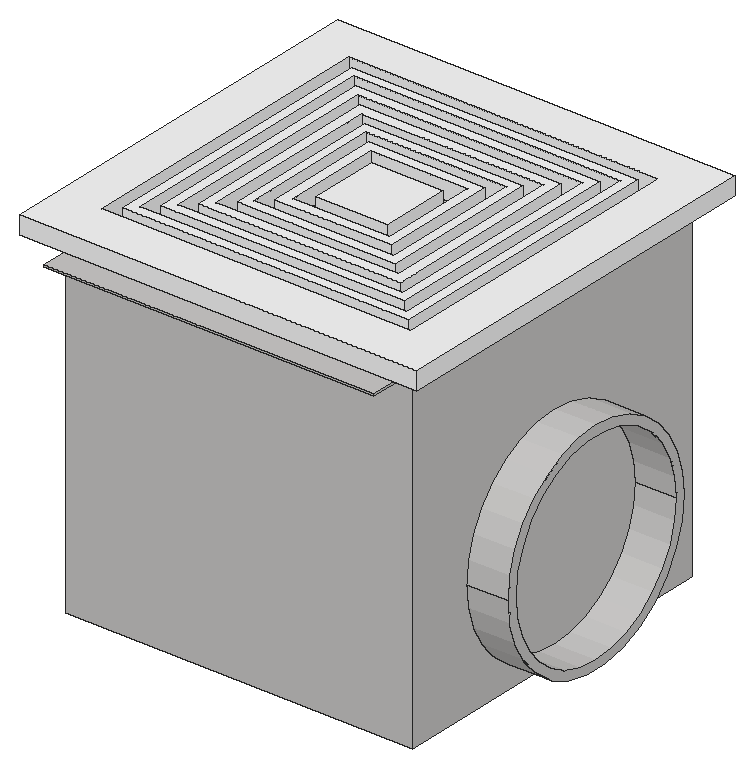
Revit family "Exhaust_Fan-Commercial-BroanNutone-Losone_ESelect-Inline", category Mechanical Equipment, host Face, Revit 2019
Family settings
  Host = Face
  Round Connector Dimension = Use Radius
  Part Type = Normal
  OmniClass Number = 23.75.35.17.17
  OmniClass Title = Room Air Circulation Fans
  Cut with Voids When Loaded = No
  Shared = No
  Room Calculation Point = No
Parameters (values of type "300 CFM")
  Width = 1' - 2"  # constant formula
  Voltage = 120 V
  Version = ""
  URL = "https://www.broan-nutone.com/"
  Support Phone = "(224) 699-9545"  # constant formula
  Support Email = "mailto:support@anguleris.com"
  Product Page URL = "https://www.broan-nutone.com/en-us/product/ventilationfans/l300el"
  Product Name = "LOSONE-E SELECT™ , Inline Ventilation Fan, ENERGY STAR®"  # constant formula
  Product Documentation Link = "https://www.broan-nutone.com/en-us/product/ventilationfans/l300el"
  Power Factor = 1
  Phase = 1
  Number of Poles = 1
  Noise = 1.2
  Model = "L300EL"
  Manufacturer Phone Number = "800-558-1711"  # constant formula
  Manufacturer Contact Information = "mailto:info@broan-nutone.com"
  Manufacturer Address = "926 W State St, Hartford, WI 53027"  # constant formula
  Manufacturer = "Broan"  # constant formula
  Length = 1' - 2"  # constant formula
  Housing Width = 0' - 11 3/8"  # constant formula
  Housing Length = 0' - 10 11/256"  # constant formula
  Housing Height = 0' - 7 5/8"  # constant formula
  Height = 6' - 5 5/8"  # constant formula
  Frequency = 60 Hz
  Fan Wattage = 7.7 W
  Fan Body Finish = Metal - Broan NuTone - Steel
  Exhaust Radius = 0' - 3"
  Exhaust Diameter = Exhaust Radius * 2  # 0' - 6"
  Exhaust Connector = "Exhaust Connection"  # constant formula
  Electrical Connector = "Electrical Connection"  # constant formula
  Description = "LOSONE-E SELECT™ , 300CFM Inline Ventilation Fan, ENERGY STAR®"
  Default Elevation = 4' - 0"
  Cover Finish = Plastic - Broan NuTone - White
  Copyright = "Copyright © 2021 Broan-NuTone, LLC. All Rights Reserved"  # constant formula
  Assembly Code = "E1090900"
  Air Volume = 300 CFM
Types (5): name | Product Page URL | Product Documentation Link | Model | Description | Air Volume
  100 CFM | "https://www.broan-nutone.com/en-us/product/ventilationfans/l100el" | "https://www.broan-nutone.com/en-us/product/ventilationfans/l100el" | "L100EL" | "LOSONE-E SELECT™ , 100CFM Inline Ventilation Fan, ENERGY STAR®" | 100 CFM
  150 CFM | "https://www.broan-nutone.com/en-us/product/ventilationfans/l150el" | "https://www.broan-nutone.com/en-us/product/ventilationfans/l150el" | "L150EL" | "LOSONE-E SELECT™ , 150CFM Inline Ventilation Fan, ENERGY STAR®" | 150 CFM
  200 CFM | "https://www.broan-nutone.com/en-us/product/ventilationfans/l200el" | "https://www.broan-nutone.com/en-us/product/ventilationfans/l200el" | "L200EL" | "LOSONE-E SELECT™ , 200CFM Inline Ventilation Fan, ENERGY STAR®" | 200 CFM
  250 CFM | "https://www.broan-nutone.com/en-us/product/ventilationfans/l250el" | "https://www.broan-nutone.com/en-us/product/ventilationfans/l250el" | "L250EL" | "LOSONE-E SELECT™ , 250CFM Inline Ventilation Fan, ENERGY STAR®" | 250 CFM
  300 CFM | "https://www.broan-nutone.com/en-us/product/ventilationfans/l300el" | "https://www.broan-nutone.com/en-us/product/ventilationfans/l300el" | "L300EL" | "LOSONE-E SELECT™ , 300CFM Inline Ventilation Fan, ENERGY STAR®" | 300 CFM
Reference planes (in)
  plane 1 "Center (Front/Back)": y = 0
  plane 2: z = 0
  plane 3 "Center (Left/Right)": x = 0
  plane 4: z = 1.75
  plane 5: z = -7.5
  plane 6: z = -4.125
  plane 7: z = -1.375
  plane 8: y = 6.875
  plane 9: y = -7.125
  plane 10: x = 24.74248
  plane 11: x = 38.74248
  plane 12: x = 31.74248
  plane 13: x = 33.84669
  plane 14: z = -6
  plane 15: z = -7.875
Forms (in)
  Extrusion 1, solid, material "Metal - Broan NuTone - Steel" <- "Fan Body Finish"
    sketch origin (59.99106, 127.71403, -6.75) x (0, -1, 0) y (1, 0, 0)
      loop
        line (133.95112, -34.33759) -> (133.95112, -22.12359) -> (121.62503, -22.12359) -> (121.62503, -34.33759) -> (133.95112, -34.33759)
    from -5.25 to 6.75
  Extrusion 2, solid, material "Plastic - Broan NuTone - White" <- "Cover Finish", detail levels coarse+medium
    sketch origin (0, 0, 1.31622) x (0, -1, 0) y (1, 0, 0)
      loop
        line (-6.875, 24.74248) -> (7.125, 24.74248) -> (7.125, 38.74248) -> (-6.875, 38.74248) -> (-6.875, 24.74248)
    from -1.31622 to -0.69122
  Extrusion 3, solid, material "Plastic - Broan NuTone - White" <- "Cover Finish", detail levels fine
    sketch origin (0, 0, 1.31622) x (0, -1, 0) y (1, 0, 0)
      loop
        line (-6.8692, 24.74248) -> (7.125, 24.74248) -> (7.125, 38.74248) -> (-6.8692, 38.74248) -> (-6.8692, 24.74248)
      loop
        line (-5.461, 26.28148) -> (5.461, 26.28148) -> (5.461, 37.20348) -> (-5.461, 37.20348) -> (-5.461, 26.28148)
      loop
        line (5.03522, 26.70726) -> (5.03522, 36.77769) -> (-5.03522, 36.77769) -> (-5.03522, 26.70726) -> (5.03522, 26.70726)
      loop
        line (4.711, 27.03148) -> (4.711, 36.45348) -> (-4.711, 36.45348) -> (-4.711, 27.03148) -> (4.711, 27.03148)
      loop
        line (4.296, 27.44648) -> (4.296, 36.03848) -> (-4.296, 36.03848) -> (-4.296, 27.44648) -> (4.296, 27.44648)
      loop
        line (3.961, 27.78148) -> (3.961, 35.70348) -> (-3.961, 35.70348) -> (-3.961, 27.78148) -> (3.961, 27.78148)
      loop
        line (3.546, 28.19648) -> (3.546, 35.28848) -> (-3.546, 35.28848) -> (-3.546, 28.19648) -> (3.546, 28.19648)
      loop
        line (3.211, 28.53148) -> (3.211, 34.95348) -> (-3.211, 34.95348) -> (-3.211, 28.53148) -> (3.211, 28.53148)
      loop
        line (2.48053, 29.26194) -> (2.48053, 34.22301) -> (-2.48053, 34.22301) -> (-2.48053, 29.26194) -> (2.48053, 29.26194)
      loop
        line (2.78522, 28.95726) -> (2.78522, 34.52769) -> (-2.78522, 34.52769) -> (-2.78522, 28.95726) -> (2.78522, 28.95726)
      loop
        line (2.05475, 29.68773) -> (2.05475, 33.79723) -> (-2.05475, 33.79723) -> (-2.05475, 29.68773) -> (2.05475, 29.68773)
      loop
        line (1.711, 30.03148) -> (1.711, 33.45348) -> (-1.711, 33.45348) -> (-1.711, 30.03148) -> (1.711, 30.03148)
      loop
        line (1.25838, 30.4841) -> (1.25838, 33.00085) -> (-1.20319, 33.00085) -> (-1.20319, 30.4841) -> (1.25838, 30.4841)
    from -1.31622 to -0.69122
  Extrusion 4, void
    sketch origin (0, 0, 0) x (0, 1, 0) y (0, 0, 1)
      loop
        line (5.65618, 0) -> (-5.96882, 0) -> (-5.96882, -0.98141) -> (5.65618, -0.98141) -> (5.65618, 0)
    from 25.89463 to 36.48222
  Extrusion 5, void
    sketch origin (0, 0, 1.31622) x (0, -1, 0) y (1, 0, 0)
      loop
        line (-6.875, 24.13354) -> (7.125, 24.13354) -> (7.125, 39.51541) -> (5.13541, 39.51541) -> (-6.875, 39.51541) -> (-6.875, 24.13354)
    from -14.70811 to -1.73172
  Extrusion 6, solid, material "Metal - Broan NuTone - Steel" <- "Fan Body Finish"
    sketch origin (0, 0, 0) x (0, 1, 0) y (0, 0, 1)
      loop
        line (7.524, -0.3595) -> (6.089, -0.3595) -> (6.089, -1.4795) -> (6.145, -1.4795) -> (6.145, -0.4155) -> (7.524, -0.4155) -> (7.524, -0.3595)
    from 25.91726 to 37.54947
  Extrusion 7, solid, material "Metal - Broan NuTone - Steel" <- "Fan Body Finish"
    sketch origin (0, 0, 0) x (0, -1, 0) y (0, 0, -1)
      loop
        line (7.524, 0.3595) -> (7.524, 0.4155) -> (6.145, 0.4155) -> (6.145, 1.4795) -> (6.089, 1.4795) -> (6.089, 0.3595) -> (7.524, 0.3595)
    from 25.91726 to 37.54947
  Extrusion 8, solid, material "Metal - Broan NuTone - Steel" <- "Fan Body Finish"
    sketch origin (0, 0, 0) x (0, 1, 0) y (0, 0, 1)
      loop
        circle (0, -7.875) r 3.86666
      loop
        circle (0, -7.875) r 3.55416
    from 37.86748 to 39.35141
Lines and regions (in)
  Split face 1
    outline origin (0, 0, 0.625) x (0, -1, 0) y (1, 0, 0)
      loop
        line (-5.461, 26.28148) -> (5.461, 26.28148) -> (5.461, 37.20348) -> (-5.461, 37.20348) -> (-5.461, 26.28148)
  reference lines
    curve 1: line (33.84669, 0, -6) -> (33.84669, 0, -0.75)
    curve 2: line (33.84669, 0, -6) -> (24.12794, 0, -6)
    curve 3: line (43.16644, -1.9375, -7.875) -> (37.66171, -1.9375, -7.875)
    curve 4: line (33.84669, 0, -7.875) -> (39.37794, 0, -7.875)
Dimensions and locks (in)
  locked: host sketch curve to plane 3 "Center (Left/Right)" at 73.2541  (x9)
  locked: host sketch curve to plane 3 "Center (Left/Right)" at 9.08274  (x9)
  locked: host sketch curve to plane 1 "Center (Front/Back)" at 30.737  (x9)
  locked: host sketch curve to plane 1 "Center (Front/Back)" at 35.22023  (x9)
  Extrusion 1 sketch curve to plane 3 "Center (Left/Right)" = 3' - 1.86748"  (x3)
  Extrusion 1 sketch curve to plane 3 "Center (Left/Right)" = 2' - 1.65348"  (x3)
  Extrusion 1 sketch curve to plane 1 "Center (Front/Back)" = 0' - 6.089"  (x3)
  Extrusion 1 sketch curve to plane 1 "Center (Front/Back)" = 0' - 6.23709"  (x3)
  locked: plane 10 to plane 11 at 14
  host face to Extrusion 1 = 1' - 0"
  equal spacing: plane 10, plane 12, plane 11
  locked: plane 9 to plane 8 at 14
  locked: Extrusion 1 to plane 3 "Center (Left/Right)" at 37.86748  (x2)
  locked: Extrusion 1 to plane 3 "Center (Left/Right)" at 25.65348  (x2)
  locked: Extrusion 1 sketch curve to plane 3 "Center (Left/Right)" at 37.86748  (x6)
  locked: Extrusion 1 sketch curve to plane 3 "Center (Left/Right)" at 25.65348  (x6)
  locked: Extrusion 1 to plane 1 "Center (Front/Back)" at 6.089  (x2)
  locked: Extrusion 1 to plane 1 "Center (Front/Back)" at 6.23709  (x2)
  locked: Extrusion 1 sketch curve to plane 1 "Center (Front/Back)" at 6.089  (x6)
  locked: Extrusion 1 sketch curve to plane 1 "Center (Front/Back)" at 6.23709  (x6)
  locked: Extrusion 1 to level at 12  (x2)
  locked: Extrusion 1 sketch curve to level at 6.75  (x24)
  locked: Extrusion 2 to plane 3 "Center (Left/Right)" at 24.74248  (x2)
  locked: Extrusion 2 to plane 3 "Center (Left/Right)" at 38.74248  (x2)
  locked: Extrusion 2 sketch curve to plane 3 "Center (Left/Right)" at 38.74248  (x6)
  locked: Extrusion 2 sketch curve to plane 3 "Center (Left/Right)" at 24.74248  (x6)
  locked: Extrusion 2 to plane 1 "Center (Front/Back)" at 6.875  (x2)
  locked: Extrusion 2 to plane 1 "Center (Front/Back)" at 7.125  (x2)
  locked: Extrusion 2 sketch curve to plane 1 "Center (Front/Back)" at 7.125  (x6)
  locked: Extrusion 2 sketch curve to plane 1 "Center (Front/Back)" at 6.875  (x6)
  locked: Extrusion 2 to level at 0.625  (x2)
  locked: Extrusion 2 sketch curve to level at 1.31622  (x24)
  locked: Extrusion 3 to plane 3 "Center (Left/Right)" at 24.74248  (x2)
  locked: Extrusion 3 to plane 3 "Center (Left/Right)" at 38.74248  (x2)
  locked: Extrusion 3 to plane 3 "Center (Left/Right)" at 37.20348  (x2)
  locked: Extrusion 3 to plane 3 "Center (Left/Right)" at 26.28148  (x2)
  locked: Extrusion 3 to plane 3 "Center (Left/Right)" at 26.70726  (x2)
  locked: Extrusion 3 to plane 3 "Center (Left/Right)" at 36.77769  (x2)
  locked: Extrusion 3 to plane 3 "Center (Left/Right)" at 36.45348  (x2)
  locked: Extrusion 3 to plane 3 "Center (Left/Right)" at 27.03148  (x2)
  locked: Extrusion 3 to plane 3 "Center (Left/Right)" at 27.44648  (x2)
  locked: Extrusion 3 to plane 3 "Center (Left/Right)" at 36.03848  (x2)
  locked: Extrusion 3 to plane 3 "Center (Left/Right)" at 35.70348  (x2)
  locked: Extrusion 3 to plane 3 "Center (Left/Right)" at 27.78148  (x2)
  locked: Extrusion 3 to plane 3 "Center (Left/Right)" at 28.19648  (x2)
  locked: Extrusion 3 to plane 3 "Center (Left/Right)" at 35.28848  (x2)
  locked: Extrusion 3 to plane 3 "Center (Left/Right)" at 34.95348  (x2)
  locked: Extrusion 3 to plane 3 "Center (Left/Right)" at 28.53148  (x2)
  locked: Extrusion 3 to plane 3 "Center (Left/Right)" at 34.22301  (x2)
  locked: Extrusion 3 to plane 3 "Center (Left/Right)" at 29.26194  (x2)
  locked: Extrusion 3 to plane 3 "Center (Left/Right)" at 28.95726  (x2)
  locked: Extrusion 3 to plane 3 "Center (Left/Right)" at 34.52769  (x2)
  locked: Extrusion 3 to plane 3 "Center (Left/Right)" at 29.68773  (x2)
  locked: Extrusion 3 to plane 3 "Center (Left/Right)" at 33.79723  (x2)
  locked: Extrusion 3 to plane 3 "Center (Left/Right)" at 33.45348  (x2)
  locked: Extrusion 3 to plane 3 "Center (Left/Right)" at 30.03148  (x2)
  locked: Extrusion 3 to plane 3 "Center (Left/Right)" at 30.4841  (x2)
  locked: Extrusion 3 to plane 3 "Center (Left/Right)" at 33.00085  (x2)
  locked: Extrusion 3 sketch curve to plane 3 "Center (Left/Right)" at 38.74248  (x6)
  locked: Extrusion 3 sketch curve to plane 3 "Center (Left/Right)" at 24.74248  (x6)
  locked: Extrusion 3 sketch curve to plane 3 "Center (Left/Right)" at 37.20348  (x6)
  locked: Extrusion 3 sketch curve to plane 3 "Center (Left/Right)" at 26.28148  (x6)
  locked: Extrusion 3 sketch curve to plane 3 "Center (Left/Right)" at 36.77769  (x6)
  locked: Extrusion 3 sketch curve to plane 3 "Center (Left/Right)" at 26.70726  (x6)
  locked: Extrusion 3 sketch curve to plane 3 "Center (Left/Right)" at 36.45348  (x6)
  locked: Extrusion 3 sketch curve to plane 3 "Center (Left/Right)" at 27.03148  (x6)
  locked: Extrusion 3 sketch curve to plane 3 "Center (Left/Right)" at 36.03848  (x6)
  locked: Extrusion 3 sketch curve to plane 3 "Center (Left/Right)" at 27.44648  (x6)
  locked: Extrusion 3 sketch curve to plane 3 "Center (Left/Right)" at 35.70348  (x6)
  locked: Extrusion 3 sketch curve to plane 3 "Center (Left/Right)" at 27.78148  (x6)
  locked: Extrusion 3 sketch curve to plane 3 "Center (Left/Right)" at 35.28848  (x6)
  locked: Extrusion 3 sketch curve to plane 3 "Center (Left/Right)" at 28.19648  (x6)
  locked: Extrusion 3 sketch curve to plane 3 "Center (Left/Right)" at 34.95348  (x6)
  locked: Extrusion 3 sketch curve to plane 3 "Center (Left/Right)" at 28.53148  (x6)
  locked: Extrusion 3 sketch curve to plane 3 "Center (Left/Right)" at 34.22301  (x6)
  locked: Extrusion 3 sketch curve to plane 3 "Center (Left/Right)" at 29.26194  (x6)
  locked: Extrusion 3 sketch curve to plane 3 "Center (Left/Right)" at 34.52769  (x6)
  locked: Extrusion 3 sketch curve to plane 3 "Center (Left/Right)" at 28.95726  (x6)
  locked: Extrusion 3 sketch curve to plane 3 "Center (Left/Right)" at 33.79723  (x6)
  locked: Extrusion 3 sketch curve to plane 3 "Center (Left/Right)" at 29.68773  (x6)
  locked: Extrusion 3 sketch curve to plane 3 "Center (Left/Right)" at 33.45348  (x6)
  locked: Extrusion 3 sketch curve to plane 3 "Center (Left/Right)" at 30.03148  (x6)
  locked: Extrusion 3 sketch curve to plane 3 "Center (Left/Right)" at 33.00085  (x6)
  locked: Extrusion 3 sketch curve to plane 3 "Center (Left/Right)" at 30.4841  (x6)
  locked: Extrusion 3 to plane 1 "Center (Front/Back)" at 6.8692  (x2)
  locked: Extrusion 3 to plane 1 "Center (Front/Back)" at 7.125  (x2)
  locked: Extrusion 3 to plane 1 "Center (Front/Back)" at 5.461  (x4)
  locked: Extrusion 3 to plane 1 "Center (Front/Back)" at 5.03522  (x4)
  locked: Extrusion 3 to plane 1 "Center (Front/Back)" at 4.711  (x4)
  locked: Extrusion 3 to plane 1 "Center (Front/Back)" at 4.296  (x4)
  locked: Extrusion 3 to plane 1 "Center (Front/Back)" at 3.961  (x4)
  locked: Extrusion 3 to plane 1 "Center (Front/Back)" at 3.546  (x4)
  locked: Extrusion 3 to plane 1 "Center (Front/Back)" at 3.211  (x4)
  locked: Extrusion 3 to plane 1 "Center (Front/Back)" at 2.48053  (x4)
  locked: Extrusion 3 to plane 1 "Center (Front/Back)" at 2.78522  (x4)
  locked: Extrusion 3 to plane 1 "Center (Front/Back)" at 2.05475  (x4)
  locked: Extrusion 3 to plane 1 "Center (Front/Back)" at 1.711  (x4)
  locked: Extrusion 3 to plane 1 "Center (Front/Back)" at 1.25838  (x2)
  locked: Extrusion 3 to plane 1 "Center (Front/Back)" at 1.20319  (x2)
  locked: Extrusion 3 sketch curve to plane 1 "Center (Front/Back)" at 7.125  (x6)
  locked: Extrusion 3 sketch curve to plane 1 "Center (Front/Back)" at 6.8692  (x6)
  locked: Extrusion 3 sketch curve to plane 1 "Center (Front/Back)" at 5.461  (x12)
  locked: Extrusion 3 sketch curve to plane 1 "Center (Front/Back)" at 5.03522  (x12)
  locked: Extrusion 3 sketch curve to plane 1 "Center (Front/Back)" at 4.711  (x12)
  locked: Extrusion 3 sketch curve to plane 1 "Center (Front/Back)" at 4.296  (x12)
  locked: Extrusion 3 sketch curve to plane 1 "Center (Front/Back)" at 3.961  (x12)
  locked: Extrusion 3 sketch curve to plane 1 "Center (Front/Back)" at 3.546  (x12)
  locked: Extrusion 3 sketch curve to plane 1 "Center (Front/Back)" at 3.211  (x12)
  locked: Extrusion 3 sketch curve to plane 1 "Center (Front/Back)" at 2.48053  (x12)
  locked: Extrusion 3 sketch curve to plane 1 "Center (Front/Back)" at 2.78522  (x12)
  locked: Extrusion 3 sketch curve to plane 1 "Center (Front/Back)" at 2.05475  (x12)
  locked: Extrusion 3 sketch curve to plane 1 "Center (Front/Back)" at 1.711  (x12)
  locked: Extrusion 3 sketch curve to plane 1 "Center (Front/Back)" at 1.20319  (x6)
  locked: Extrusion 3 sketch curve to plane 1 "Center (Front/Back)" at 1.25838  (x6)
  locked: Extrusion 3 to level at 0.625  (x2)
  locked: Extrusion 3 sketch curve to level at 1.31622  (x312)
  locked: Extrusion 4 sketch curve to plane 1 "Center (Front/Back)" at 5.96882  (x6)
  locked: Extrusion 4 sketch curve to plane 1 "Center (Front/Back)" at 5.65618  (x6)
  locked: Extrusion 4 sketch curve to level at 0.98141  (x6)
  locked: Extrusion 5 sketch curve to plane 3 "Center (Left/Right)" at 39.51541  (x12)
  locked: Extrusion 5 sketch curve to plane 3 "Center (Left/Right)" at 24.13354  (x6)
  locked: Extrusion 5 sketch curve to plane 1 "Center (Front/Back)" at 7.125  (x6)
  locked: Extrusion 5 sketch curve to plane 1 "Center (Front/Back)" at 6.875  (x6)
  locked: Extrusion 5 sketch curve to level at 1.31622  (x30)
  locked: Extrusion 6 to plane 3 "Center (Left/Right)" at 37.54947  (x2)
  locked: Extrusion 6 to plane 3 "Center (Left/Right)" at 25.91726  (x2)
  locked: Extrusion 6 to plane 1 "Center (Front/Back)" at 6.089  (x2)
  locked: Extrusion 6 to plane 1 "Center (Front/Back)" at 6.145  (x2)
  locked: Extrusion 6 to plane 1 "Center (Front/Back)" at 7.524  (x2)
  locked: Extrusion 6 sketch curve to plane 1 "Center (Front/Back)" at 6.089  (x6)
  locked: Extrusion 6 sketch curve to plane 1 "Center (Front/Back)" at 6.145  (x6)
  locked: Extrusion 6 sketch curve to plane 1 "Center (Front/Back)" at 7.524  (x6)
  locked: Extrusion 6 to level at 1.4795  (x2)
  locked: Extrusion 6 to level at 0.4155  (x2)
  locked: Extrusion 6 to level at 0.3595  (x2)
  locked: Extrusion 6 sketch curve to level at 1.4795  (x6)
  locked: Extrusion 6 sketch curve to level at 0.4155  (x6)
  locked: Extrusion 6 sketch curve to level at 0.3595  (x6)
  locked: Extrusion 7 to plane 3 "Center (Left/Right)" at 37.54947  (x2)
  locked: Extrusion 7 to plane 3 "Center (Left/Right)" at 25.91726  (x2)
  locked: Extrusion 7 to plane 1 "Center (Front/Back)" at 6.089  (x2)
  locked: Extrusion 7 to plane 1 "Center (Front/Back)" at 6.145  (x2)
  locked: Extrusion 7 to plane 1 "Center (Front/Back)" at 7.524  (x2)
  locked: Extrusion 7 sketch curve to plane 1 "Center (Front/Back)" at 6.089  (x6)
  locked: Extrusion 7 sketch curve to plane 1 "Center (Front/Back)" at 6.145  (x6)
  locked: Extrusion 7 sketch curve to plane 1 "Center (Front/Back)" at 7.524  (x6)
  locked: Extrusion 7 to level at 1.4795  (x2)
  locked: Extrusion 7 to level at 0.4155  (x2)
  locked: Extrusion 7 to level at 0.3595  (x2)
  locked: Extrusion 7 sketch curve to level at 1.4795  (x6)
  locked: Extrusion 7 sketch curve to level at 0.4155  (x6)
  locked: Extrusion 7 sketch curve to level at 0.3595  (x6)
  locked: Extrusion 8 to plane 3 "Center (Left/Right)" at 39.35141  (x2)
  locked: Extrusion 8 to plane 3 "Center (Left/Right)" at 37.86748  (x2)
  locked: plane 1 "Center (Front/Back)" to Extrusion 8 sketch curve at 3.86666  (x2)
  locked: plane 1 "Center (Front/Back)" to Extrusion 8 sketch curve at 3.55416  (x2)
  locked: Extrusion 8 sketch curve to level at 4.00834  (x2)
  locked: Extrusion 8 sketch curve to level at 4.32084  (x2)
  curve 1 to curve 2 = 0' - 9 23/32"
  locked: curve 1 to curve 2 (angle 90.00°)
  angle curve 2 to plane 14 = 180.00°
  angle plane 14 to curve 4 = 180.00°
  aligned and locked: host face to plane 2
  aligned and locked: host face to level
  aligned and locked: plane 14 to curve 2
  aligned and locked: plane 15 to curve 4
Automatic sketch dimensions
  Extrusion 4 sketch curve to level = 0' - 0"
  Split face 1 sketch curve to Extrusion 2 = 0' - 1.414"
  Split face 1 sketch curve to Extrusion 2 = 0' - 1.664"
  Split face 1 sketch curve to Extrusion 2 = 0' - 1.539"  (x2)
  Extrusion 8 sketch curve to plane 1 "Center (Front/Back)" = 0' - 0"
  Extrusion 5 sketch curve to plane 9 = 0' - 1.98959"
  Extrusion 8 sketch curve to Extrusion 8 sketch curve = 0' - 0"
  curve 3 to plane 11 = 0' - 1.08076"
  curve 3 to plane 15 = 0' - 0"
  plane 11 to curve 3 = 0' - 4.42396"
  plane 13 to curve 2 = 0' - 0"
  plane 13 to curve 4 = 0' - 0"
Connectors (in)
  hvac at (39.37794, 0, -7.875), driven by "Exhaust Radius", driven by "Air Volume"
    settings: on curve 4, index 3, duct flow 300 CFM, flow factor 0, pres drop 0.00 in-wg, loss coef 0, conn angle 0.00°, conn width 12", conn height 12", conn diameter 6", duct sys type 3, conn prof type 0, flow config 0, flow direction 0, loss method 0, conn ref index -1, conn util no, is conn primary yes, conn desc "Exhaust Air"
